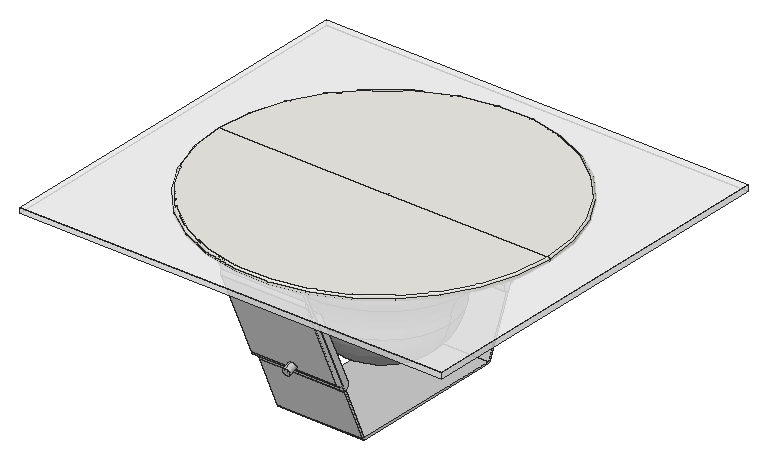
Revit family "PC-1860S", category Communication Devices, host Face, Revit 2016
Family settings
  Host = Face
  Maintain Annotation Orientation = No
  Part Type = Normal
  Round Connector Dimension = Use Diameter
  OmniClass Number = 23.85.10.11.14
  OmniClass Title = Audio Equipment
  Cut with Voids When Loaded = Yes
  Shared = No
  Room Calculation Point = No
Parameters (values of type "PC-1860S")
  r1 = Diameter / 2.5  # 72 mm
  Weight = "750 g (1.65 lb)"
  URL = "http://toa.com.sg"
  Steel - Black = Steel - White Finish
  Speaker Mounting Method = "Spring catch"
  Speaker Component = "12 cm (5\") cone-type"
  Sensitivity = "94 dB (1 W, 1 m) (500 Hz - 5 kHz, pink noise)"
  Rated Input = "6 W (100 V line), 3 W (70 V line)"
  Rated Impedance = "100 V line: 1.7k Ω (6 W), 3.3k Ω (3 W), 6.7k Ω (1.5 W), 13k Ω (0.8 W) \r\n70 V line: 1.7k Ω (3 W), 3.3k Ω (1.5 W) 6.7k Ω (0.8 W),13k Ω (0.4 W)"
  Radius = Diameter / 2  # 90 mm
  Operating Temperature = "–10° C to +50° C (14° F to 122° F)"
  MountBracket = yes
  Model Type = "Ceiling Mount Speakers"
  Model By = "BIMLIFE PTE LTD"  # constant formula
  Model = "PC-1860S"
  Mesh = Mesh
  Manufacturer = "TOA Electronics Pte Ltd"  # constant formula
  Supplier Tel = "+65 6835 9119"  # constant formula
  Supplier Fax = "+65 6835 9559"  # constant formula
  Supplier Address = "491B River Valley Road, #19-03/04 Valley Point Office Tower, Singapore 248373"  # constant formula
  Supplier = "TOA Electronics Pte Ltd"  # constant formula
  Suppiler Email = "http://toa.com.sg"  # constant formula
  Material = OFF-WHITE
  Frequency Response = "80 Hz - 20 kHz (peak -20 dB)"
  Firedome = no
  Finish = "Frame: Steel plate, white (RAL 9016 equivalent), paint\r\nFrame: Steel plate, white (RAL 9016 equivalent), paint\r\nGrille: Steel net, white (RAL 9016 eauivalent), paint \r\nMounting Bracket: Steel plate, plating"
  Dimensions for fixing Hole = "Mounting hole: ø 150±3 mm (ø 5.91\"±0.12\")\r\nCeiling thickness: 5 - 25 mm (0.2'' - 0.98\")"
  Dimension = "ø180 x 5 (exposed section) + 101 (D) mm (7.09\" x  0.2'' + 3.98'')"
  Diameter = 180 mm
  Default Elevation = 0 mm
  Copyright To = "TOA Electronics Pte Ltd"  # constant formula
  Connection = "Push wire connection (Bridging terminal - 2 branch type)"
  Applicable Cable = "Solid wire: 0.5 - 3 mm² (AWG 20 - 12)"
  Accessory = "Paper Pattern ...1"
Types (2, lengths in mm): name | Weight | Steel - Black | Sensitivity | Rated Impedance | MountBracket | Model | Frequency Response | Firedome | Finish | Dimensions for fixing Hole | Dimension | Accessory
  PC-1860S | "750 g (1.65 lb)" | Steel - White Finish | "94 dB (1 W, 1 m) (500 Hz - 5 kHz, pink noise)" | "100 V line: 1.7k Ω (6 W), 3.3k Ω (3 W), 6.7k Ω (1.5 W), 13k Ω (0.8 W) \r\n70 V line: 1.7k Ω (3 W), 3.3k Ω (1.5 W) 6.7k Ω (0.8 W),13k Ω (0.4 W)" | yes | "PC-1860S" | "80 Hz - 20 kHz (peak -20 dB)" | no | "Frame: Steel plate, white (RAL 9016 equivalent), paint\r\nFrame: Steel plate, white (RAL 9016 equivalent), paint\r\nGrille: Steel net, white (RAL 9016 eauivalent), paint \r\nMounting Bracket: Steel plate, plating" | "Mounting hole: ø 150±3 mm (ø 5.91\"±0.12\")\r\nCeiling thickness: 5 - 25 mm (0.2'' - 0.98\")" | "ø180 x 5 (exposed section) + 101 (D) mm (7.09\" x  0.2'' + 3.98'')" | "Paper Pattern ...1"
  PC-1860F | "1 kg (2.2 lb)" | Steel - Black finish | "95 dB (1 W, 1 m) (500 Hz - 5 kHz, pink noise)" | "100 V line: 1.7k Ω (6 W), 3.3k Ω (3 W), 6.7k Ω (1.5 W), 13k Ω (0.8 W), 70 V line: 1.7k Ω (3 W), 3.3k Ω (1.5 W) 6.7k Ω (0.8 W),13k Ω (0.4 W)" | no | "PC-1860F" | "170 Hz - 20 kHz (peak -20 dB)" | yes | "Frame: Steel plate, white (RAL 9016 equivalent), paint\r\nGrille: Steel net, white (RAL 9016 equivalent), paint\r\nFire dome: Steel plate, black, paint" | "Mounting hole: ø156 ±3 mm (6.14\" ± 0.12\")\r\nCeiling thickness: 5 - 25 mm (0.2''- 0.98\")" | "ø180 x 5 (exposed section) + 100 (D) mm (7.09\" x 0.2\" + 3.94\")" | "Rubber grommet ... 2, Paper pattern ... 1"
Reference planes
  plane 1 "Center (Front/Back)": y = 0
  plane 2: z = 0
  plane 3 "Center (Left/Right)": x = 0
  plane 4: z = -101
Forms (mm)
  Extrusion 1, solid, material "Surface"
    sketch origin (1.238, -13.929, 0) x (1, 0, 0) y (0, 1, 0)
      loop
        line (-115.316, 118.085) -> (-115.316, -89.567) -> (112.84, -89.567) -> (112.84, 118.085) -> (-115.316, 118.085)
    from 0 to -3
  Extrusion 2, solid, material "Steel - White Finish" <- "Steel - Black"
    sketch origin (0, 69.484, 0) x (0, 1, 0) y (-1, 0, 0)
      loop
        line (-67.424, -1.189) -> (-67.424, 1.189) -> (-69.484, 2.378) -> (-71.544, 1.189) -> (-71.544, -1.189) -> (-69.484, -2.378) -> (-67.424, -1.189)
    from 0 to 1
  Extrusion 3, solid, material "Steel - White Finish" <- "Steel - Black"
    sketch origin (0, 0, 0) x (0, 1, 0) y (0, 0, 1)
      loop
        line (81.95, -3.152) -> (75.732, -16.796) -> (76.551, -17.169) -> (82.666, -3.472) -> (81.95, -3.152)
      loop
        line (55.347, -62.459) -> (54.531, -62.078) -> (42, -90.148) -> (-42, -90.148) -> (-54.531, -62.078) -> (-55.354, -62.442) -> (-42.966, -90.437)
        arc (-42.966, -90.437) -> (-42.523, -90.955) -> (-41.87, -91.148) r 1.2
        line (-41.87, -91.148) -> (41.87, -91.148)
        arc (41.87, -91.148) -> (42.527, -90.952) -> (42.966, -90.437) r 1.2
        line (42.966, -90.437) -> (55.347, -62.459)
      loop
        line (-81.935, -3.146) -> (-82.666, -3.472) -> (-76.551, -17.169) -> (-75.821, -16.843) -> (-81.935, -3.146)
    from -23 to 23
  Extrusion 4, solid, material "Steel - White Finish" <- "Steel - Black"
    sketch origin (0, 0, 0) x (0, 1, 0) y (0, 0, 1)
      loop
        line (55.371, -62.403) -> (75.705, -16.857)
        arc (75.705, -16.857) -> (73.173, -16.401) -> (71.219, -18.074) r 3
        line (71.219, -18.074) -> (53.284, -58.248)
        arc (53.284, -58.248) -> (53.341, -60.821) -> (55.371, -62.403) r 3
      loop
        arc (-55.371, -62.403) -> (-53.341, -60.821) -> (-53.284, -58.248) r 3
        line (-53.284, -58.248) -> (-71.219, -18.074)
        arc (-71.219, -18.074) -> (-73.173, -16.401) -> (-75.705, -16.857) r 3
        line (-75.705, -16.857) -> (-55.371, -62.403)
    from -23 to 23
  Extrusion 5, solid, material "Steel - White Finish" <- "Steel - Black"
    sketch origin (15.851, -81.238, -10.333) x (0, 0.407651, -0.913138) y (1, 0, 0)
      loop
        circle (48.16, -15.854) r 2
    from -2.394 to 4.713
  Extrusion 6, solid, material "Steel - White Finish" <- "Steel - Black"
    sketch origin (0, 0, 0) x (0, 1, 0) y (0, 0, 1)
      loop
        line (-81.171, -10.722) -> (-60.62, -56.757)
        arc (-60.62, -56.757) -> (-59.158, -58.328) -> (-57.039, -58.668) r 3.3
        line (-57.039, -58.668) -> (-80.2, -6.787)
        arc (-80.2, -6.787) -> (-81.361, -8.588) -> (-81.171, -10.722) r 3.3
      loop
        arc (81.171, -10.722) -> (81.361, -8.588) -> (80.2, -6.787) r 3.3
        line (80.2, -6.787) -> (57.039, -58.668)
        arc (57.039, -58.668) -> (59.158, -58.328) -> (60.62, -56.757) r 3.3
        line (60.62, -56.757) -> (81.171, -10.722)
    from -23 to 23
  Blend 7, solid, material "Steel - White Finish" <- "Steel - Black"
    base sketch origin (15.851, -85.542, -12.254) x (0, 0.407651, -0.913138) y (1, 0, 0)
      loop
        circle (48.16, -15.854) r 1
    top sketch origin (15.851, -85.542, -12.254) x (0, 0.407651, -0.913138) y (1, 0, 0)
      loop
        circle (48.16, -15.854) r 2
    from -19.507 to -10.707
  Blend 8, solid, material "Steel - White Finish" <- "Steel - Black"
    base sketch origin (15.851, -85.542, -12.254) x (0, 0.407651, -0.913138) y (1, 0, 0)
      loop
        circle (48.16, -15.854) r 3.5
    top sketch origin (15.851, -85.542, -12.254) x (0, 0.407651, -0.913138) y (1, 0, 0)
      loop
        circle (48.16, -15.854) r 4
    from -13.609 to -10.707
  Extrusion 9, solid, material "Steel - White Finish" <- "Steel - Black"
    sketch origin (15.851, 81.238, -10.333) x (0, -0.407651, -0.913138) y (-1, 0, 0)
      loop
        circle (48.16, 15.854) r 2
    from -2.394 to 4.713
  Blend 10, solid, material "Steel - White Finish" <- "Steel - Black"
    base sketch origin (15.851, 85.542, -12.254) x (0, -0.407651, -0.913138) y (-1, 0, 0)
      loop
        circle (48.16, 15.854) r 1
    top sketch origin (15.851, 85.542, -12.254) x (0, -0.407651, -0.913138) y (-1, 0, 0)
      loop
        circle (48.16, 15.854) r 2
    from -19.507 to -10.707
  Blend 11, solid, material "Steel - White Finish" <- "Steel - Black"
    base sketch origin (15.851, 85.542, -12.254) x (0, -0.407651, -0.913138) y (-1, 0, 0)
      loop
        circle (48.16, 15.854) r 3.5
    top sketch origin (15.851, 85.542, -12.254) x (0, -0.407651, -0.913138) y (-1, 0, 0)
      loop
        circle (48.16, 15.854) r 4
    from -13.609 to -10.707
  Revolve 12, solid, material "OFF-WHITE" <- "Material"
    sketch origin (0, 0, 0) x (1, 0, 0) y (0, 0, 1)
      loop
        line (-72.897, -2.989) -> (-72.724, -7.928)
        arc (-72.724, -7.928) -> (-72.389, -8.681) -> (-71.625, -8.989) r 1.1
        line (-71.625, -8.989) -> (-70.414, -8.989) -> (-54.15, -8.989) -> (-53.858, -12.329)
        arc (-53.858, -12.329) -> (-53.345, -13.369) -> (-52.264, -13.789) r 1.6
        line (-52.264, -13.789) -> (-49.496, -13.789) -> (-28.116, -29.383)
        arc (-28.116, -29.383) -> (-27.668, -29.611) -> (-27.172, -29.689) r 1.6
        line (-27.172, -29.689) -> (-23.646, -29.689)
        arc (-23.646, -29.689) -> (-22.7, -30.058) -> (-22.252, -30.969) r 1.4
        line (-22.252, -30.969) -> (-21.98, -34.075)
        arc (-21.98, -34.075) -> (-21.659, -34.726) -> (-20.983, -34.989) r 1
        line (-20.983, -34.989) -> (-25, -34.989) -> (-25, -38.989) -> (-27.5, -38.989) -> (-27.5, -48.989) -> (-24, -48.989)
        arc (-24, -48.989) -> (-24.52, -49.135) -> (-24.888, -49.53) r 1
        arc (-24.888, -49.53) -> (-24.631, -51.347) -> (-23, -52.189) r 2
        line (-23, -52.189) -> (-17.5, -52.189) -> (-17.6, -66.889)
        arc (-17.6, -66.889) -> (-17.278, -67.667) -> (-16.501, -67.989) r 1.1
        line (-16.501, -67.989) -> (0, -67.989) -> (0, -2.989) -> (-72.897, -2.989)
      axis (0, -2.989) -> (0, -67.989)
    angle from 0 to 360
  Revolve 13, solid, material "Dust Cover"
    sketch origin (0, 0, -0.642) x (1, 0, 0) y (0, 0, 1)
      loop
        line (0, -11.973) -> (-53.392, -11.973)
        arc (-53.392, -11.973) -> (-53.324, -21.133) -> (-47.488, -28.194) r 13.672
        arc (-47.488, -28.194) -> (-38.774, -37.039) -> (-35.471, -49.008) r 24.673
        arc (-35.471, -49.008) -> (-22.684, -68.145) -> (0, -72.043) r 29.153
        line (0, -72.043) -> (0, -11.973)
      axis (0, -72.043) -> (0, -11.973)
    angle from 0 to 360
  Revolve 14, solid, material "Mesh" <- "Mesh"
    sketch origin (0, 0, 0) x (1, 0, 0) y (0, 0, 1)
      loop
        line (0, 2.111) -> (-88.877, 2.111)
        arc (-88.877, 2.111) -> (-89.573, 1.829) -> (-89.877, 1.143) r 1
        line (-89.877, 1.143) -> (-89.917, 0) -> (0, 0) -> (0, 2.111)
      axis (0, 0) -> (0, 2.111)
    angle from 0 to 360
Lines and regions (mm)
  model lines
    curve 1: line (0, -907.492, 5.1) -> (0, -907.492, 11.75)
Dimensions and locks
  aligned and locked: plane 2 to Extrusion 1
  aligned and locked: level to Extrusion 1
